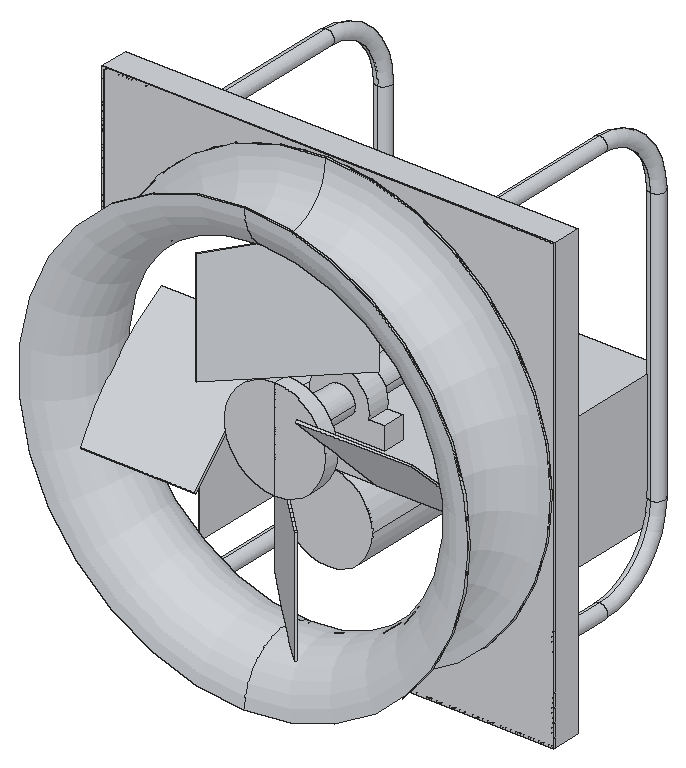
Revit family "AWB_SUPPLY", category Mechanical Equipment, Revit 2019
Family settings
  Round Connector Dimension = Use Diameter
  Part Type = Normal
  Work Plane-Based = No
  Always vertical = Yes
  Cut with Voids When Loaded = No
  Shared = No
  Room Calculation Point = No
Parameters (values of type "24_AWB_SUPPLY")
  Wire_Guard [instance] = no
  Weather_Hood [instance] = no
  Wall_Collar [instance] = no
  WH_B/2 = WH_B / 2  # 17"
  WH_B = 34"
  WH_ANGLE_2 = 92.00°  # constant formula
  WH_ANGLE = 130.00°  # constant formula
  WH_A = 27 1/8"
  WG_D = 12 9/16"
  WG_B = 31"
  WC_C = 28 7/16"
  WC_B = 33 9/16"
  -WH_B/2 = -WH_B / 2  # -17"
  -WC_D = -18 11/16"
  WC_A = 30 1/4"
  -WG_A = -20 9/16"
  Unit Weight [instance] = ""
  Sones [instance] = ""
  SIZE/2 = SIZE / 2  # 12"
  SIZE = 24"
  Motor RPM [instance] = ""
  Motor Enclosure [instance] = ""
  MOTOR = D_SUP / 10  # 3"
  LwA [instance] = ""
  Fan RPM [instance] = ""
  D_SUP/2 = D_SUP / 2  # 15"
  D_SUP = 30"
  D/2 = D / 2  # 1"
  D = 2"
  C/2 = C / 2  # 3 3/8"
  C = 6 3/4"
  B/4 = B / 4  # 4 49/64"
  B/2 = B / 2  # 9 17/32"
  B = 19 1/16"
  A/7 = A / 7  # 4 5/16"
  A/3.5 = A / 3.5  # 8 5/8"
  A/2 = A / 2  # 15 3/32"
  A = 30 3/16"
  9" = 9"  # constant formula
  3" = 3"  # constant formula
  Brake Hp [instance] = ""
  4" = 4"  # constant formula
  2' = 24"
  2" = 2"  # constant formula
  1" = 1"  # constant formula
  0 = 0"  # constant formula
  Voltage [instance] = 0 V
  URL = "www.lorencook.com"
  Type Comments = "Wall Supply Fan Cast Aluminum Propeller Belt Drive"  # constant formula
  Static Pressure [instance] = 0.00 in-wg
  Power [instance] = Voltage * Motor FLA * sqrt(if(Phase = 3, 3, 1))  # 0 VA
  Phase [instance] = 0
  Number of Poles [instance] = 1
  Motor Hp [instance] = "0"
  Motor FLA [instance] = 0 A
  Model = "AWB_Supply"  # constant formula
  Manufacturer = "Loren Cook Company"
  CFM [instance] = 0 CFM
  1.5 = 1 1/2"  # constant formula
  .5" = 1/2"  # constant formula
  .125 = 1/8"  # constant formula
  -D = -D  # -2"
  -C/2 = -C / 2  # -3 3/8"
  -B+1" = -B + 2"  # -17 1/16"
  -B = -B  # -19 1/16"
  -((SIZE/2)-.25") = -((SIZE / 2) - 1/4")  # -11 3/4"
  -((A/2)-C-.5") = -((A / 2) - C - 1/2")  # -7 27/32"
  (SIZE/2)-.25" = (SIZE / 2) - 1/4"  # 11 3/4"
  (D_SUP/2)-(C/2)-.125" = (D_SUP / 2) - (C / 2) - 1/8"  # 11 1/2"
  (A/2)-C-.5" = (A / 2) - C - 1/2"  # 7 27/32"
  (A/2)-1" = (A / 2) - 1/4"  # 14 27/32"
Types (6): name | WH_B/2 | WH_B | WH_A | WG_D | WG_B | WC_C | WC_B | -WH_B/2 | -WC_D | WC_A | -WG_A | SIZE/2 | SIZE | MOTOR | D_SUP/2 | D_SUP | D/2 | D | C/2 | C | B/4 | B/2 | B | A/7 | A/3.5 | A/2 | A | -D | -C/2 | -B+1" | -B | -((SIZE/2)-.25") | -((A/2)-C-.5") | (SIZE/2)-.25" | (D_SUP/2)-(C/2)-.125" | (A/2)-C-.5" | (A/2)-1"
  (no name) | 17" | 34" | 27 1/8" | 12 9/16" | 31" | 28 7/16" | 33 9/16" | -17" | -18 11/16" | 30 1/4" | -20 9/16" | 12" | 24" | 3" | 15" | 30" | 1" | 2" | 3 3/8" | 6 3/4" | 4 49/64" | 9 17/32" | 19 1/16" | 4 5/16" | 8 5/8" | 15 3/32" | 30 3/16" | -2" | -3 3/8" | -17 1/16" | -19 1/16" | -11 3/4" | -7 27/32" | 11 3/4" | 11 1/2" | 7 27/32" | 14 27/32"
  24_AWB_SUPPLY | 17" | 34" | 27 1/8" | 12 9/16" | 31" | 28 7/16" | 33 9/16" | -17" | -18 11/16" | 30 1/4" | -20 9/16" | 12" | 24" | 3" | 15" | 30" | 1" | 2" | 3 3/8" | 6 3/4" | 4 49/64" | 9 17/32" | 19 1/16" | 4 5/16" | 8 5/8" | 15 3/32" | 30 3/16" | -2" | -3 3/8" | -17 1/16" | -19 1/16" | -11 3/4" | -7 27/32" | 11 3/4" | 11 1/2" | 7 27/32" | 14 27/32"
  30_AWB_SUPPLY | 20" | 40" | 31 7/16" | 12 9/16" | 37" | 34 7/16" | 39 9/16" | -20" | -18 11/16" | 36 1/4" | -20 9/16" | 15" | 30" | 3.6" | 18" | 36" | 1 1/2" | 3" | 3 3/8" | 6 3/4" | 4 49/64" | 9 17/32" | 19 1/16" | 5.16964" | 10.33929" | 18 3/32" | 36 3/16" | -3" | -3 3/8" | -17 1/16" | -19 1/16" | -14 3/4" | -10 27/32" | 14 3/4" | 14 1/2" | 10 27/32" | 17 27/32"
  36_AWB_SUPPLY | 23" | 46" | 35 11/16" | 12 9/16" | 43" | 40 1/2" | 45 9/16" | -23" | -19 7/16" | 42 1/4" | -20 9/16" | 18" | 36" | 4.2" | 21" | 42" | 1 1/2" | 3" | 3 11/16" | 7 3/8" | 4 49/64" | 9 17/32" | 19 1/16" | 6.02679" | 12.05357" | 21 3/32" | 42 3/16" | -3" | -3 11/16" | -17 1/16" | -19 1/16" | -17 3/4" | -13 7/32" | 17 3/4" | 17 3/16" | 13 7/32" | 20 27/32"
  42_AWB_SUPPLY | 26" | 52" | 39 15/16" | 12 9/16" | 49" | 46 1/2" | 51 5/8" | -26" | -19 7/16" | 48 1/4" | -25 9/16" | 21" | 42" | 4.8" | 24" | 48" | 1 1/2" | 3" | 3 13/16" | 7 5/8" | 5 11/64" | 10 11/32" | 20 11/16" | 6.88393" | 13.76786" | 24 3/32" | 48 3/16" | -3" | -3 13/16" | -18 11/16" | -20 11/16" | -20 3/4" | -15 31/32" | 20 3/4" | 20 1/16" | 15 31/32" | 23 27/32"
  48_AWB_SUPPLY | 29" | 58" | 44 3/16" | 13 7/16" | 55" | 52 1/2" | 57 5/8" | -29" | -19 11/16" | 54 1/4" | -28 7/16" | 24" | 48" | 5.4" | 27" | 54" | 1 1/2" | 3" | 3 13/16" | 7 5/8" | 6 37/64" | 13 5/32" | 26 5/16" | 7.74107" | 15.48214" | 27 3/32" | 54 3/16" | -3" | -3 13/16" | -24 5/16" | -26 5/16" | -23 3/4" | -18 31/32" | 23 3/4" | 23 1/16" | 18 31/32" | 26 27/32"
Reference planes (in)
  plane 1 "Center (Front/Back)": y = 0
  plane 2: z = 0
  plane 3 "Center (Left/Right)": x = 0.40541
  plane 4: y = 1.5
Forms (in)
  Revolve 1, solid
    sketch origin (0.40541, 0, 0) x (0, 1, 0) y (0, 0, 1)
      loop
        line (-4.375, 3.375) -> (-4.375, 0) -> (-3.375, 0) -> (-3.375, 3.375) -> (-4.375, 3.375)
      axis (-4.375, 0) -> (-3.375, 0)
    angle from 0 to 360
  Extrusion 2, solid
    sketch origin (0.40541, 0, 0) x (0, 1, 0) y (0, 0, 1)
      loop
        line (0, -3.375) -> (-6.75, 3.375) -> (-6.83839, 3.28661) -> (-0.08839, -3.46339) -> (0, -3.375)
    from 30 to 3.375 <- "C/2"
  Extrusion 3, solid
    sketch origin (0.40541, 0, 0) x (0, 1, 0) y (-1, 0, 0)
      loop
        line (0, -3.375) -> (-6.75, 3.375) -> (-6.83839, 3.28661) -> (-0.08839, -3.46339) -> (0, -3.375)
    from 30 to 3.375 <- "C/2"
  Extrusion 4, solid
    sketch origin (0.40541, 0, 0) x (0, 1, 0) y (0, 0, -1)
      loop
        line (0, -3.375) -> (-6.75, 3.375) -> (-6.83839, 3.28661) -> (-0.08839, -3.46339) -> (0, -3.375)
    from 30 to 3.375 <- "C/2"
  Extrusion 5, solid
    sketch origin (0.40541, 0, 0) x (1, 0, 0) y (0, 1, 0)
      loop
        line (-3.375, 0) -> (-3.46339, -0.08839) -> (3.28661, -6.83839) -> (3.375, -6.75) -> (-3.375, 0)
    from -30 to -3.375 <- "-C/2"
  Extrusion 6, void
    sketch origin (0, 0, 0) x (1, 0, 0) y (0, 0, 1)
      loop
        circle (0.40541, 0) r 11.5
      loop
        circle (0.40541, 0) r 40
    from 0 to 9 <- "9""
  Extrusion 7, solid
    sketch origin (0, 0, 0) x (1, 0, 0) y (0, 0, 1)
      loop
        line (-14.68834, 15.09375) -> (-14.68834, -15.09375) -> (15.49916, -15.09375) -> (15.49916, 15.09375) -> (-14.68834, 15.09375)
      loop
        circle (0.40541, 0) r 15
    from 0 to -0.125
  Extrusion 8, solid
    sketch origin (0, 0, 0) x (1, 0, 0) y (0, 0, 1)
      loop
        line (-14.68834, 15.09375) -> (-14.68834, -15.09375) -> (15.49916, -15.09375) -> (15.49916, 15.09375) -> (-14.68834, 15.09375)
      loop
        line (15.37416, -14.96875) -> (15.37416, 14.96875) -> (-14.56334, 14.96875) -> (-14.56334, -14.96875) -> (15.37416, -14.96875)
    from 0 to -2 <- "-D"
  Extrusion 9, solid
    sketch origin (0, 0, 0) x (1, 0, 0) y (0, 0, 1)
      loop
        circle (0.40541, 0) r 1
    from 2 to -19.0625 <- "-B"
  Extrusion 10, solid
    sketch origin (0, 0, 0) x (1, 0, 0) y (0, 0, 1)
      loop
        line (-8.21959, -2) -> (-8.21959, -11) -> (-8.09459, -11) -> (-8.09459, -3.5) -> (8.90541, -3.5) -> (8.90541, -11) -> (9.03041, -11) -> (9.03041, -2) -> (-8.21959, -2)
    from 0 to -17.0625 <- "-B+1""
  Sweep 11, solid
    path origin (0.40541, 0, 0) x (0, 1, 0) y (0, 0, 1)
      loop
        line (0.125, 13.96875) -> (11.29687, 13.96875)
        arc (11.29687, 13.96875) -> (14.66668, 12.57293) -> (16.0625, 9.20312) r 4.76563
        line (16.0625, 9.20312) -> (16.0625, -9.20312)
        arc (16.0625, -9.20312) -> (14.66668, -12.57293) -> (11.29687, -13.96875) r 4.76563
        line (11.29687, -13.96875) -> (0.125, -13.96875)
    profile origin (0.40541, 5.71094, 13.96875) x (0, 0, 1) y (1, 0, 0)
      loop
        circle (0, -9.125) r 0.5
      loop
        circle (0, 9.125) r 0.5
  Revolve 12, solid
    sketch origin (0.40541, 0, 0) x (0, 1, 0) y (0, 0, 1)
      loop
        arc (-0.125, 15) -> (-3.5, 11.625) -> (-6.875, 15) r 3.375
        line (-6.875, 15) -> (-7, 15)
        arc (-7, 15) -> (-3.5, 11.5) -> (0, 15) r 3.5
        line (0, 15) -> (-0.125, 15)
      axis (-7, 0) -> (0, 0)
    angle from 0 to 360
  Extrusion 13, solid
    sketch origin (0, 17.0625, 0) x (-1, 0, 0) y (0, 0, 1)
      loop
        circle (-0.40541, -6.5) r 3
    from 0 to -17.0625 <- "-B+1""
  Extrusion 14, solid
    sketch origin (0, 19.0625, 0) x (-1, 0, 0) y (0, 0, 1)
      loop
        circle (-0.40541, -6.5) r 1
    from 0 to -2
  Extrusion 15, solid
    sketch origin (0, 17.0625, 0) x (-1, 0, 0) y (0, 0, 1)
      loop
        line (-3.40541, -0.5) -> (-3.40541, -2) -> (2.59459, -2) -> (2.59459, -0.5) -> (1.53108, -0.5)
        arc (1.53108, -0.5) -> (-0.40541, 2) -> (-2.3419, -0.5) r 2
        line (-2.3419, -0.5) -> (-3.40541, -0.5)
    from -2.5 to -1
  Extrusion 16, solid
    sketch origin (0, 0, 0) x (1, 0, 0) y (0, 0, 1)
      loop
        arc (2.3419, -0.5) -> (0.40541, 2) -> (-1.53108, -0.5) r 2
        line (-1.53108, -0.5) -> (-2.59459, -0.5) -> (-2.59459, -2) -> (3.40541, -2) -> (3.40541, -0.5) -> (2.3419, -0.5)
    from -2.5 to -1
  Extrusion 17, solid, material "Glass", visible <- "Wire_Guard"
    sketch origin (0, 1.5, 23.20293) x (0, 0, 1) y (-1, 0, 0)
      loop
        line (-7.70293, 15.09459) -> (-38.70293, 15.09459) -> (-38.70293, -15.90541) -> (-7.70293, -15.90541) -> (-7.70293, 15.09459)
    from -20.5625 <- "-WG_A" to 12.5625 <- "WG_D"
  Extrusion 18, solid, visible <- "Wall_Collar"
    sketch origin (0, 2, 0) x (-1, 0, 0) y (0, 0, 1)
      loop
        line (14.71959, 15.125) -> (-15.53041, 15.125) -> (-15.53041, -15.125) -> (14.71959, -15.125) -> (14.71959, 15.125)
      loop
        line (-15.65541, -15.25) -> (14.84459, -15.25) -> (14.84459, 15.25) -> (-15.65541, 15.25) -> (-15.65541, -15.25)
    from -18.6875 <- "-WC_D" to 0
  Extrusion 19, solid, visible <- "Wall_Collar"
    sketch origin (0, -16.6875, 0) x (1, 0, 0) y (0, 0, 1)
      loop
        line (-16.37584, 16.78125) -> (-16.37584, -16.78125) -> (17.18666, -16.78125) -> (17.18666, 16.78125) -> (-16.37584, 16.78125)
      loop
        line (14.62416, -14.21875) -> (14.62416, 14.21875) -> (-13.81334, 14.21875) -> (-13.81334, -14.21875) -> (14.62416, -14.21875)
    from -0.125 to 0
  Extrusion 20, solid, visible <- "Weather_Hood"
    sketch origin (0.40541, 0, 0) x (0, 1, 0) y (0, 0, 1)
      loop
        line (-16.6875, 17) -> (-33.51024, 17) -> (-43.8125, 4.72225) -> (-19.6875, -17) -> (-16.6875, -17) -> (-16.6875, 17)
    from -17 <- "-WH_B/2" to 17 <- "WH_B/2"
  Extrusion 21, solid, visible <- "Weather_Hood"
    sketch origin (0.40541, -16.6875, -17) x (0, 0, 1) y (1, 0, 0)
      loop
        line (35.5, -18.5) -> (35.5, 18.5) -> (-1.5, 18.5) -> (-1.5, -18.5) -> (35.5, -18.5)
      loop
        line (0, 17) -> (0, -17) -> (34, -17) -> (34, 17) -> (0, 17)
    from -0.125 to 0
Cuts and joins
  Extrusion 6 cuts Revolve 1
  Extrusion 6 cuts Extrusion 2
  Extrusion 6 cuts Extrusion 3
  Extrusion 6 cuts Extrusion 4
  Extrusion 6 cuts Extrusion 5
Dimensions and locks (in)
  "0": Revolve 1 sketch curve to level  (x2)
  "C/2": Revolve 1 sketch curve to level
  "C/2": plane 1 "Center (Front/Back)" to Revolve 1 sketch curve
  "1"": Revolve 1 sketch curve to Revolve 1 sketch curve
  "0": Extrusion 2 sketch curve to plane 1 "Center (Front/Back)"
  "C": plane 1 "Center (Front/Back)" to Extrusion 2 sketch curve
  "C/2": Extrusion 2 sketch curve to level
  "C/2": level to Extrusion 2 sketch curve
  ".125": Extrusion 2 sketch curve to Extrusion 2 sketch curve
  ".125": Extrusion 3 sketch curve to Extrusion 3 sketch curve
  ".125": Extrusion 4 sketch curve to Extrusion 4 sketch curve
  ".125": Extrusion 5 sketch curve to Extrusion 5 sketch curve
  Extrusion 6 sketch curve to plane 3 "Center (Left/Right)" = 0"  (x2)
  level to Extrusion 6 sketch curve = 0"
  Extrusion 6 sketch curve to level = 0"
  "0": Extrusion 3 sketch curve to plane 1 "Center (Front/Back)"
  "C": Extrusion 3 sketch curve to plane 1 "Center (Front/Back)"
  "C/2": plane 3 "Center (Left/Right)" to Extrusion 3 sketch curve
  "C/2": Extrusion 3 sketch curve to plane 3 "Center (Left/Right)"
  "C": plane 1 "Center (Front/Back)" to Extrusion 4 sketch curve
  "0": Extrusion 4 sketch curve to plane 1 "Center (Front/Back)"
  "C/2": level to Extrusion 4 sketch curve
  "C/2": Extrusion 4 sketch curve to level
  "0": Extrusion 5 sketch curve to plane 1 "Center (Front/Back)"
  "C": Extrusion 5 sketch curve to plane 1 "Center (Front/Back)"
  "C/2": plane 3 "Center (Left/Right)" to Extrusion 5 sketch curve
  "C/2": Extrusion 5 sketch curve to plane 3 "Center (Left/Right)"
  "A/2": plane 3 "Center (Left/Right)" to Extrusion 7 sketch curve
  "A/2": Extrusion 7 sketch curve to plane 3 "Center (Left/Right)"
  "A/2": Extrusion 7 sketch curve to level
  "A/2": level to Extrusion 7 sketch curve
  "0": Extrusion 7 sketch curve to level
  "0": Extrusion 7 sketch curve to plane 3 "Center (Left/Right)"
  ".125": Extrusion 8 sketch curve to Extrusion 8 sketch curve  (x4)
  "A/2": plane 3 "Center (Left/Right)" to Extrusion 8 sketch curve  (x2)
  "A/2": level to Extrusion 8 sketch curve
  "A/2": Extrusion 8 sketch curve to level
  "0": Extrusion 9 sketch curve to level
  "0": Extrusion 9 sketch curve to plane 3 "Center (Left/Right)"
  "2"": level to Extrusion 10 sketch curve
  "9"": Extrusion 10 sketch curve to Extrusion 10 sketch curve  (x2)
  "A/3.5": Extrusion 10 sketch curve to plane 3 "Center (Left/Right)"
  "A/3.5": plane 3 "Center (Left/Right)" to Extrusion 10 sketch curve
  ".125": Sweep 11 sketch curve to plane 1 "Center (Front/Back)"  (x2)
  "1"": Extrusion 8 to Sweep 11 sketch curve  (x2)
  "0": Sweep 11 sketch curve to profile plane  (x2)
  ".5"": Sweep 11 sketch curve to Extrusion 10  (x2)
  "0": Revolve 12 sketch curve to level
  "D_SUP/2": Revolve 12 sketch curve to level  (x2)
  "C": Revolve 12 sketch curve to Revolve 12 sketch curve
  ".125": plane 1 "Center (Front/Back)" to Revolve 12 sketch curve
  ".125": Revolve 12 sketch curve to Revolve 12 sketch curve  (x2)
  "0": Revolve 12 sketch curve to Revolve 12 sketch curve
  ".125": Extrusion 10 sketch curve to Extrusion 10 sketch curve  (x2)
  "1.5": Extrusion 10 sketch curve to Extrusion 10 sketch curve
  "1"": Extrusion 10 to Sweep 11 sketch curve
  "0": Extrusion 13 sketch curve to plane 3 "Center (Left/Right)"
  "MOTOR": Extrusion 13 sketch curve to Extrusion 10
  "0": Extrusion 14 sketch curve to plane 3 "Center (Left/Right)"
  "MOTOR": Extrusion 14 sketch curve to Extrusion 10
  "0": Extrusion 10 to Extrusion 15 sketch curve
  "1.5": Extrusion 15 sketch curve to Extrusion 15 sketch curve
  "3"": plane 3 "Center (Left/Right)" to Extrusion 15 sketch curve  (x2)
  "0": Extrusion 15 sketch curve to plane 3 "Center (Left/Right)"
  "0": level to Extrusion 15 sketch curve
  "0": Extrusion 16 sketch curve to plane 3 "Center (Left/Right)"
  "0": Extrusion 16 sketch curve to level
  "0": Extrusion 10 to Extrusion 16 sketch curve
  "1.5": Extrusion 10 to Extrusion 16 sketch curve
  "3"": plane 3 "Center (Left/Right)" to Extrusion 16 sketch curve  (x2)
  "1.5": plane 4 to plane 1 "Center (Front/Back)"
  equal spacing: Extrusion 17 sketch curve, plane 3 "Center (Left/Right)", Extrusion 17 sketch curve
  equal spacing: Extrusion 17 sketch curve, level, Extrusion 17 sketch curve
  "WG_B": Extrusion 17 sketch curve to Extrusion 17 sketch curve  (x2)
  equal spacing: Extrusion 18 sketch curve, plane 3 "Center (Left/Right)", Extrusion 18 sketch curve  (x2)
  equal spacing: Extrusion 18 sketch curve, level, Extrusion 18 sketch curve  (x2)
  ".125": Extrusion 18 sketch curve to Extrusion 18 sketch curve  (x2)
  "WC_A": Extrusion 18 sketch curve to Extrusion 18 sketch curve  (x2)
  equal spacing: Extrusion 19 sketch curve, plane 3 "Center (Left/Right)", Extrusion 19 sketch curve  (x2)
  equal spacing: Extrusion 19 sketch curve, level, Extrusion 19 sketch curve  (x2)
  "WC_C": Extrusion 19 sketch curve to Extrusion 19 sketch curve  (x2)
  "WC_B": Extrusion 19 sketch curve to Extrusion 19 sketch curve  (x2)
  equal spacing: Extrusion 20 sketch curve, level, Extrusion 20 sketch curve
  "WH_B": Extrusion 20 sketch curve to Extrusion 20 sketch curve
  "3"": Extrusion 20 sketch curve to Extrusion 20 sketch curve
  "WH_A": Extrusion 20 sketch curve to Extrusion 20 sketch curve
  "0": Extrusion 19 to Extrusion 20 sketch curve
  equal spacing: Extrusion 21 sketch curve, plane 3 "Center (Left/Right)", Extrusion 21 sketch curve  (x2)
  equal spacing: Extrusion 21 sketch curve, level, Extrusion 21 sketch curve  (x2)
  "WH_B": Extrusion 21 sketch curve to Extrusion 21 sketch curve  (x2)
  "1.5": Extrusion 21 sketch curve to Extrusion 21 sketch curve  (x2)
  "(D_SUP/2)-(C/2)-.125"": radius of Extrusion 6 sketch curve
  "D_SUP/2": radius of Extrusion 7 sketch curve
  "1"": radius of Extrusion 9 sketch curve
  "B/4": radius of Sweep 11 sketch curve  (x2)
  ".5"": radius of Sweep 11 sketch curve  (x2)
  "MOTOR": radius of Extrusion 13 sketch curve
  "1"": radius of Extrusion 14 sketch curve
  "2"": radius of Extrusion 15 sketch curve
  "2"": radius of Extrusion 16 sketch curve
  "WH_ANGLE": angle Extrusion 20 sketch curve to Extrusion 20 sketch curve
  "WH_ANGLE_2": angle Extrusion 20 sketch curve to Extrusion 20 sketch curve
Automatic sketch dimensions
  Revolve 1 sketch curve to plane 1 "Center (Front/Back)" = 0"
  Revolve 1 sketch curve to Revolve 1 sketch curve = 26"
  plane 1 "Center (Front/Back)" to Revolve 12 sketch curve = 3 1/4"
  Revolve 12 sketch curve to Revolve 12 sketch curve = 1.44822"
  Extrusion 15 sketch curve to Extrusion 15 sketch curve = 1.06351"
  Extrusion 16 sketch curve to Extrusion 16 sketch curve = 1.06351"
  Extrusion 16 sketch curve to Extrusion 16 sketch curve = 0"  (x2)
  radius of Extrusion 6 sketch curve = 40"
Connectors (in)
  hvac at (0.40541, 2, 0), driven by "A", driven by "A", driven by "CFM"
    settings: on Extrusion 8, index 1, duct flow 0 CFM, flow factor 0, pres drop 0.00 in-wg, loss coef 0, conn angle 0.00°, conn width 30 3/16", conn height 30 3/16", conn diameter 24", duct sys type 1, conn prof type 1, flow config 0, flow direction 1, loss method 0, conn ref index -1, conn util no, is conn primary yes, conn desc ""
  electrical at (0.40541, 0, -6.5)
    settings: on Extrusion 13, index 2, voltage 0 V, apparent load 0 VA, apparent load phase1 0 VA, apparent load phase2 0 VA, apparent load phase3 0 VA, power factor 1, load classification "Other", number of poles 1, system type 30, power factor state 1, is connector primary yes, connector utility no, sub classification motor no, connector description ""
